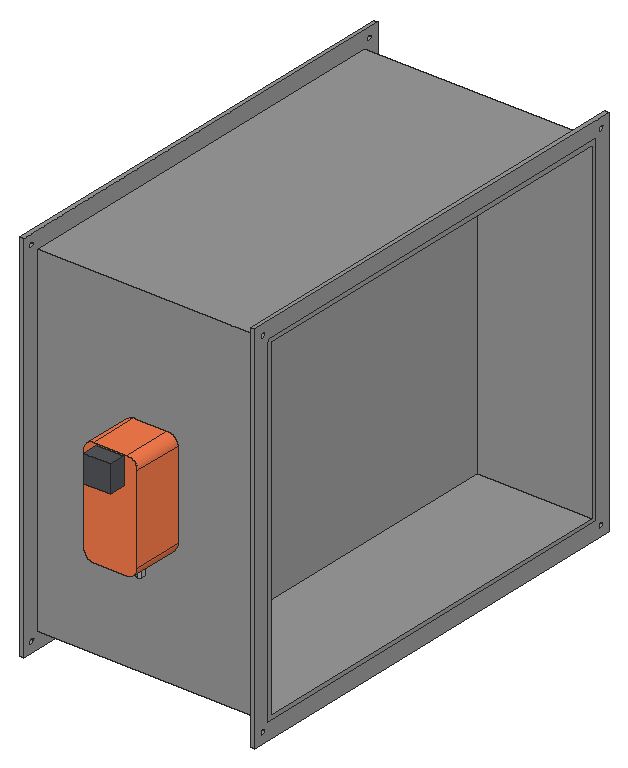
Revit family "КП-1", category Арматура воздуховодов, Revit 2021
Family settings
  Размер круглого соединителя = Использовать диаметр
  Тип детали = Присоединяется
  На основе рабочей плоскости = Нет
  Всегда вертикально = Да
  При загрузке вырезать с полостями = Нет
  Общий = Нет
Parameters (values of type "КП-1-600х500-2-ПВП230Т-СН")
  Размещение привода (снаружи) = yes
  Размещение привода (внутри) = no
  Отметка по умолчанию = 0 mm
  Два фланца = yes
  An = A + 10 mm  # 610 mm
  A3 = A / 2  # 300 mm
  A2 = 660 mm
  Вес = "18.4 кг"
  A1 = 630 mm
  Bn = B + 10 mm  # 510 mm
  B3 = B1 / 2  # 265 mm
  B2 = 560 mm
  Voltage = 230 V
  Power = 11 VA
  Maximum Air Flow [instance] = 0.0 L/s
  Maintenance zone material = none
  Load Classification = "HVAC"
  Grid Material = Cover Grid Cross
  Casing Material = Металл, окрашенный, белый, матовый RAL 5007
  B1 = 530 mm
  B = 500 mm
  Air Flow [instance] = 0.0 L/s
  A = 600 mm
  09_System_Name [instance] = ""
  00_20_Type = "КП-1-600х500-2-ПВП230Т-СН"
  00_20_Name = "Клапан протипожежний вогнезатримувальний"
  00_20_Manufacturer = "Вентс"  # constant formula
Types (22, lengths in mm): name | An | A3 | A2 | Вес | A1 | Bn | B3 | B2 | Power | B1 | B | A | 00_20_Type
  (no name) | 610 | 300 | 660 | "18.4 кг" | 630 | 510 | 265 | 560 | 11 VA | 530 | 500 | 600 | "КП-1-600х500-2-ПВП230Т-СН"
  КП-1-200х200-2-ПВП230Т-СН | 210 | 100 | 240 | "6.2 кг" | 220 | 210 | 110 | 240 | 6.5 VA | 220 | 200 | 200 | "КП-1-200х200-2-ПВП230Т-СН"
  КП-1-1000х1000-2-ПВП230Т-СН | 1010 | 500 | 1060 | "41.7 кг" | 1030 | 1010 | 515 | 1060 | 11 VA | 1030 | 1000 | 1000 | "КП-1-1000х1000-2-ПВП230Т-СН"
  КП-1-250х200-2-ПВП230Т-СН | 260 | 125 | 290 | "6.8 кг" | 270 | 210 | 110 | 240 | 10 VA | 220 | 200 | 250 | "КП-1-250х200-2-ПВП230Т-СН"
  КП-1-250х250-2-ПВП230Т-СН | 260 | 125 | 290 | "7.3 кг" | 270 | 260 | 135 | 290 | 10 VA | 270 | 250 | 250 | "КП-1-250х250-2-ПВП230Т-СН"
  КП-1-300х200-2-ПВП230Т-СН | 310 | 150 | 340 | "7.3 кг" | 320 | 210 | 110 | 240 | 10 VA | 220 | 200 | 300 | "КП-1-300х200-2-ПВП230Т-СН"
  КП-1-300х250-2-ПВП230Т-СН | 310 | 150 | 340 | "7.9 кг" | 320 | 260 | 135 | 290 | 10 VA | 270 | 250 | 300 | "КП-1-300х250-2-ПВП230Т-СН"
  КП-1-300х300-2-ПВП230Т-СН | 310 | 150 | 340 | "8.5 кг" | 320 | 310 | 160 | 340 | 10 VA | 320 | 300 | 300 | "КП-1-300х300-2-ПВП230Т-СН"
  КП-1-400х250-2-ПВП230Т-СН | 410 | 200 | 440 | "9.1 кг" | 420 | 260 | 135 | 290 | 10 VA | 270 | 250 | 400 | "КП-1-400х250-2-ПВП230Т-СН"
  КП-1-400х300-2-ПВП230Т-СН | 410 | 200 | 440 | "9.8 кг" | 420 | 310 | 160 | 340 | 10 VA | 320 | 300 | 400 | "КП-1-400х300-2-ПВП230Т-СН"
  КП-1-400х400-2-ПВП230Т-СН | 410 | 200 | 440 | "11.3 кг" | 420 | 410 | 210 | 440 | 10 VA | 420 | 400 | 400 | "КП-1-400х400-2-ПВП230Т-СН"
  КП-1-500х300-2-ПВП230Т-СН | 510 | 250 | 540 | "10.7 кг" | 520 | 310 | 160 | 340 | 10 VA | 320 | 300 | 500 | "КП-1-500х300-2-ПВП230Т-СН"
  КП-1-500х400-2-ПВП230Т-СН | 510 | 250 | 540 | "12.9 кг" | 520 | 410 | 210 | 440 | 10 VA | 420 | 400 | 500 | "КП-1-500х400-2-ПВП230Т-СН"
  КП-1-500х500-2-ПВП230Т-СН | 510 | 250 | 560 | "16.6 кг" | 530 | 510 | 265 | 560 | 10 VA | 530 | 500 | 500 | "КП-1-500х500-2-ПВП230Т-СН"
  КП-1-600х400-2-ПВП230Т-СН | 610 | 300 | 640 | "14.5 кг" | 620 | 410 | 210 | 440 | 10 VA | 420 | 400 | 600 | "КП-1-600х400-2-ПВП230Т-СН"
  КП-1-600х500-2-ПВП230Т-СН | 610 | 300 | 660 | "18.4 кг" | 630 | 510 | 265 | 560 | 11 VA | 530 | 500 | 600 | "КП-1-600х500-2-ПВП230Т-СН"
  КП-1-600х600-2-ПВП230Т-СН | 610 | 300 | 660 | "20.6 кг" | 630 | 610 | 315 | 660 | 11 VA | 630 | 600 | 600 | "КП-1-600х600-2-ПВП230Т-СН"
  КП-1-800х500-2-ПВП230Т-СН | 810 | 400 | 860 | "22.3 кг" | 830 | 510 | 265 | 560 | 11 VA | 530 | 500 | 800 | "КП-1-800х500-2-ПВП230Т-СН"
  КП-1-800х600-2-ПВП230Т-СН | 810 | 400 | 860 | "24.8 кг" | 830 | 610 | 315 | 660 | 11 VA | 630 | 600 | 800 | "КП-1-800х600-2-ПВП230Т-СН"
  КП-1-800х800-2-ПВП230Т-СН | 810 | 400 | 860 | "30.1 кг" | 830 | 810 | 415 | 860 | 11 VA | 830 | 800 | 800 | "КП-1-800х800-2-ПВП230Т-СН"
  КП-1-1000х600-2-ПВП230Т-СН | 1010 | 500 | 1060 | "29 кг" | 1030 | 610 | 315 | 660 | 11 VA | 630 | 600 | 1000 | "КП-1-1000х600-2-ПВП230Т-СН"
  КП-1-1000х800-2-ПВП230Т-СН | 1010 | 500 | 1060 | "35.4 кг" | 1030 | 810 | 415 | 860 | 11 VA | 830 | 800 | 1000 | "КП-1-1000х800-2-ПВП230Т-СН"
Reference planes
  plane 1 "По центру (Вперед/Назад)": y = 0
  plane 2: z = 0
  plane 3 "По центру (Влево/Вправо)": x = 0
  plane 4: z = 265
  plane 5: z = -265
  plane 6: y = 315
  plane 7: y = -315
Forms (mm)
  Extrusion 1, solid, material "Сталь, гальванизированная", visible <- "Два фланца"
    sketch origin (0, 0, 0) x (0, 1, 0) y (0, 0, 1)
      loop
        line (305, -255) -> (305, 255) -> (-305, 255) -> (-305, -255) -> (305, -255)
      loop
        line (330, -280) -> (330, 280) -> (-330, 280) -> (-330, -280) -> (330, -280)
      loop
        circle (315, 265) r 4.25
      loop
        circle (-315, 265) r 4.25
      loop
        circle (-315, -265) r 4.25
      loop
        circle (315, -265) r 4.25
    from 170 to 175
  Extrusion 2, solid, material "Сталь, гальванизированная"
    sketch origin (0, 0, 0) x (0, 1, 0) y (0, 0, 1)
      loop
        line (300, -250) -> (300, 250) -> (-300, 250) -> (-300, -250) -> (300, -250)
      loop
        line (330, -280) -> (330, 280) -> (-330, 280) -> (-330, -280) -> (330, -280)
      loop
        circle (315, -265) r 4.25
      loop
        circle (-315, -265) r 4.25
      loop
        circle (-315, 265) r 4.25
      loop
        circle (315, 265) r 4.25
    from -170 to -175
  Extrusion 3, solid, material "Сталь, гальванизированная"
    sketch origin (0, 0, 0) x (0, 1, 0) y (0, 0, 1)
      loop
        line (300, -250) -> (300, 250) -> (-300, 250) -> (-300, -250) -> (300, -250)
      loop
        line (305, -255) -> (305, 255) -> (-305, 255) -> (-305, -255) -> (305, -255)
    from -170 to 175
  Extrusion 4, solid, material "Сталь, гальванизированная"
    sketch origin (0, 0, 0) x (0, 1, 0) y (0, 0, 1)
      loop
        line (300, -250) -> (300, 250) -> (-300, 250) -> (-300, -250) -> (300, -250)
    from 2.5 to -2.5
Dimensions and locks
  equal spacing: Extrusion 1 sketch curve, level, Extrusion 1 sketch curve  (x2)
  equal spacing: Extrusion 1 sketch curve, plane 1 "По центру (Вперед/Назад)", Extrusion 1 sketch curve  (x2)
  "An": Extrusion 1 sketch curve to Extrusion 1 sketch curve
  "Bn": Extrusion 1 sketch curve to Extrusion 1 sketch curve
  "A2": Extrusion 1 sketch curve to Extrusion 1 sketch curve
  "B2": Extrusion 1 sketch curve to Extrusion 1 sketch curve
  equal spacing: plane 4, level, plane 5
  "B1": plane 4 to plane 5
  equal spacing: plane 6, plane 1 "По центру (Вперед/Назад)", plane 7
  "A1": plane 6 to plane 7
  equal spacing: Extrusion 2 sketch curve, plane 1 "По центру (Вперед/Назад)", Extrusion 2 sketch curve  (x2)
  "A": Extrusion 2 sketch curve to Extrusion 2 sketch curve
  "A2": Extrusion 2 sketch curve to Extrusion 2 sketch curve
  equal spacing: Extrusion 2 sketch curve, level, Extrusion 2 sketch curve  (x2)
  "B": Extrusion 2 sketch curve to Extrusion 2 sketch curve
  "B2": Extrusion 2 sketch curve to Extrusion 2 sketch curve
  equal spacing: Extrusion 3 sketch curve, plane 1 "По центру (Вперед/Назад)", Extrusion 3 sketch curve  (x2)
  "A": Extrusion 3 sketch curve to Extrusion 3 sketch curve
  equal spacing: Extrusion 3 sketch curve, level, Extrusion 3 sketch curve  (x2)
  "B": Extrusion 3 sketch curve to Extrusion 3 sketch curve
  "Bn": Extrusion 3 sketch curve to Extrusion 3 sketch curve
  "An": Extrusion 3 sketch curve to Extrusion 3 sketch curve
  equal spacing: Extrusion 4 sketch curve, plane 1 "По центру (Вперед/Назад)", Extrusion 4 sketch curve
  "A": Extrusion 4 sketch curve to Extrusion 4 sketch curve
  equal spacing: Extrusion 4 sketch curve, level, Extrusion 4 sketch curve
  "B": Extrusion 4 sketch curve to Extrusion 4 sketch curve
  "B3": nested 1 to plane 5
  "B3": plane 4 to nested 2
  "A3": nested 2 to plane 1 "По центру (Вперед/Назад)"
  aligned and locked: level to plane 2
  aligned and locked: Extrusion 3 to Extrusion 2
Automatic sketch dimensions
  Extrusion 1 sketch curve to plane 4 = 0 mm
  Extrusion 1 sketch curve to plane 7 = 0 mm  (x2)
  Extrusion 1 sketch curve to plane 5 = 0 mm
  plane 5 to Extrusion 1 sketch curve = 0 mm
  Extrusion 1 sketch curve to plane 6 = 0 mm  (x2)
  plane 4 to Extrusion 1 sketch curve = 0 mm
  Extrusion 2 sketch curve to plane 5 = 0 mm
  Extrusion 2 sketch curve to plane 7 = 0 mm  (x2)
  Extrusion 2 sketch curve to plane 4 = 0 mm
  plane 4 to Extrusion 2 sketch curve = 0 mm
  Extrusion 2 sketch curve to plane 6 = 0 mm  (x2)
  plane 5 to Extrusion 2 sketch curve = 0 mm
  radius of Extrusion 1 sketch curve = 4.25 mm  (x4)
  radius of Extrusion 2 sketch curve = 4.25 mm  (x4)
Nested families
  nested 1: "ADSK_Электропривод" at (0, -305, 0) x (1, 0, 0) z (0, -1, 0), visible <- "Размещение привода (снаружи)", type "BLF"
  nested 2: "ADSK_Электропривод" at (42.5, -200, 0) x (1, 0, 0) z (0, -1, 0), visible <- "Размещение привода (внутри)", type "BLF"
Connectors
  hvac at (175, 0, 0), driven by "A", driven by "B"
    settings: on Extrusion 3, index 1, duct flow 0.0 L/s, flow factor 0, pres drop 0.0 Pa, loss coef 0, conn angle 0.00°, conn width 500 mm, conn height 600 mm, conn diameter 609.6 mm, duct sys type 3, conn prof type 1, flow config 0, flow direction 2, loss method 0, conn ref index -1, conn util no, is conn primary yes, conn desc ""
  hvac at (-175, 0, 0), driven by "A", driven by "B"
    settings: on Extrusion 2, index 2, duct flow 0.0 L/s, flow factor 0, pres drop 0.0 Pa, loss coef 0, conn angle 0.00°, conn width 500 mm, conn height 600 mm, conn diameter 609.6 mm, duct sys type 3, conn prof type 1, flow config 0, flow direction 1, loss method 0, conn ref index -1, conn util no, is conn primary no, conn desc ""
Definition of nested family "ADSK_Электропривод"
  Parameters (values of type "BLF")
    Default Elevation = 1219.2 mm
    Материал корпуса = none
    Материал коробки = none
  Reference planes
    plane 1 "По центру (Вперед/Назад)": y = 0
    plane 2: z = 0
    plane 3 "По центру (Влево/Вправо)": x = 0
  Forms (mm)
    Extrusion 1, solid, material <- "Материал корпуса"
      sketch origin (0, -1.292, 0) x (1, 0, 0) y (0, 1, 0)
        loop
          arc (-25, 81.292) -> (-35.607, 76.899) -> (-40, 66.292) r 15
          line (-40, 66.292) -> (-40, -63.708)
          arc (-40, -63.708) -> (-35.607, -74.314) -> (-25, -78.708) r 15
          line (-25, -78.708) -> (25, -78.708)
          arc (25, -78.708) -> (35.607, -74.314) -> (40, -63.708) r 15
          line (40, -63.708) -> (40, 66.292)
          arc (40, 66.292) -> (35.607, 76.899) -> (25, 81.292) r 15
          line (25, 81.292) -> (-25, 81.292)
      from 0 to 75
    Extrusion 2, solid, material <- "Материал коробки"
      sketch origin (0, -1.292, 90) x (1, 0, 0) y (0, 1, 0)
        loop
          line (-20, 79.66) -> (-20, 39.66) -> (20, 39.66) -> (20, 79.66) -> (-20, 79.66)
      from -15 to 10
    Extrusion 3, solid
      sketch origin (-5, -80, -46.965) x (1, 0, 0) y (0, 0, -1)
        loop
          line (-10, -80) -> (-14.33, -82.5) -> (-14.33, -87.5) -> (-10, -90) -> (-5.67, -87.5) -> (-5.67, -82.5) -> (-10, -80)
      from 0 to -20
    Extrusion 4, solid
      sketch origin (5, -80, -46.965) x (-1, 0, 0) y (0, 0, 1)
        loop
          line (-10, 80) -> (-5.67, 82.5) -> (-5.67, 87.5) -> (-10, 90) -> (-14.33, 87.5) -> (-14.33, 82.5) -> (-10, 80)
      from 0 to -20
    Extrusion 5, solid
      sketch origin (0, 0, 0) x (1, 0, 0) y (0, 1, 0)
        loop
          circle (0, 58.367) r 6
      from 0 to -100
  Dimensions and locks
    equal spacing: Extrusion 1, plane 1 "По центру (Вперед/Назад)", Extrusion 1
    Extrusion 1 to Extrusion 1 = 160 mm
    level to Extrusion 2 = 100 mm
    aligned and locked: level to plane 2
    aligned and locked: Extrusion 2 to Extrusion 1
  Automatic sketch dimensions
    Extrusion 1 sketch curve to plane 3 "По центру (Влево/Вправо)" = 40 mm
    Extrusion 1 sketch curve to Extrusion 1 sketch curve = 15 mm  (x3)
    plane 3 "По центру (Влево/Вправо)" to Extrusion 1 sketch curve = 25 mm  (x2)
    plane 1 "По центру (Вперед/Назад)" to Extrusion 1 sketch curve = 80 mm
    Extrusion 1 sketch curve to plane 1 "По центру (Вперед/Назад)" = 65 mm
    Extrusion 2 sketch curve to plane 3 "По центру (Влево/Вправо)" = 20 mm
    plane 3 "По центру (Влево/Вправо)" to Extrusion 2 sketch curve = 20 mm
    Extrusion 2 sketch curve to plane 1 "По центру (Вперед/Назад)" = 38.367 mm
    Extrusion 2 sketch curve to Extrusion 2 sketch curve = 40 mm
    Extrusion 3 sketch curve to plane 3 "По центру (Влево/Вправо)" = 19.33 mm
    Extrusion 3 sketch curve to Extrusion 3 sketch curve = 4.33 mm  (x3)
    level to Extrusion 3 sketch curve = 43.035 mm
    Extrusion 3 sketch curve to Extrusion 3 sketch curve = 2.5 mm  (x3)
    Extrusion 3 sketch curve to Extrusion 3 sketch curve = 5 mm  (x2)
    plane 3 "По центру (Влево/Вправо)" to Extrusion 4 sketch curve = 19.33 mm
    Extrusion 4 sketch curve to Extrusion 4 sketch curve = 4.33 mm  (x3)
    level to Extrusion 4 sketch curve = 33.035 mm
    Extrusion 4 sketch curve to Extrusion 4 sketch curve = 2.5 mm  (x3)
    Extrusion 4 sketch curve to Extrusion 4 sketch curve = 5 mm  (x2)
    Extrusion 5 sketch curve to plane 3 "По центру (Влево/Вправо)" = 0 mm
    Extrusion 5 sketch curve to plane 1 "По центру (Вперед/Назад)" = 58.367 mm
    radius of Extrusion 5 sketch curve = 6 mm
